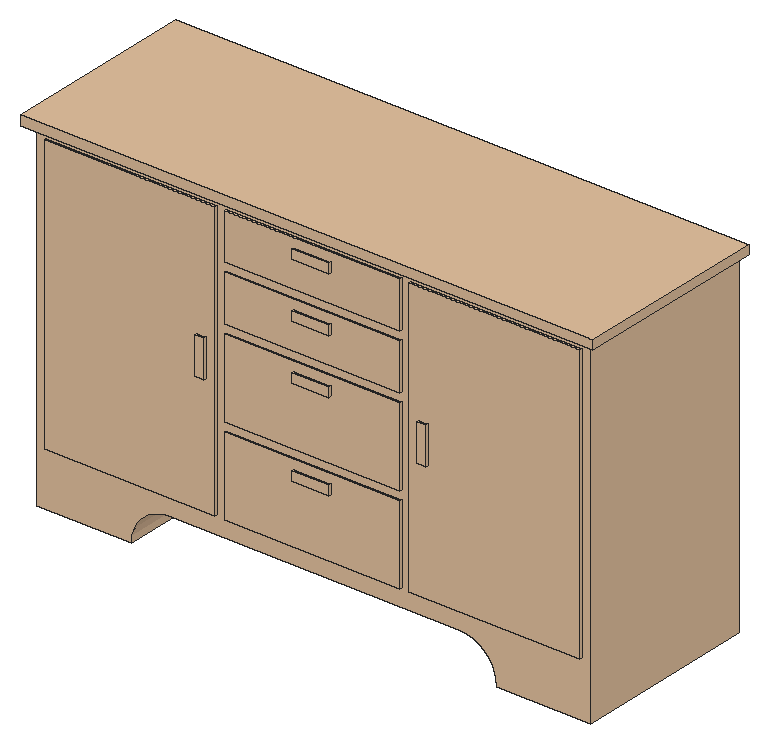
Revit family
Parameters (values of type "1520 x 510 x 970mm")
  Keynote = "N"
  Assembly Code = ""
  Depth = 508 mm
  Material = Wood - Cherry
  Height = 965.2 mm
  Width = 1524 mm
Types (2, lengths in mm): name | Depth | Height | Width
  1220 x 510 x 1070mm | 510 | 1050 | 1220
  1520 x 510 x 970mm | 508 | 965.2 | 1524
Reference planes
  plane 1 "Center F/B": y = -363.163
  plane 2: z = 0.34
  plane 3 "Center L/R": x = -294.593
  plane 4 "Back": y = -109.163
  plane 5 "Front": y = -617.163
  plane 6 "Right": x = 467.407
  plane 7 "Left": x = -1056.593
  plane 8: x = -700.993
  plane 9: x = 111.807
  plane 10: z = 152.4
  plane 11: x = -1031.193
  plane 12: x = 442.007
  plane 13: x = -548.593
  plane 14: x = -40.593
  plane 15: x = -1081.993
  plane 16: y = -642.563
  plane 17: x = 492.807
  plane 18: x = -561.293
  plane 19: x = -535.893
  plane 20: x = -53.293
  plane 21: x = -27.893
  plane 22: z = 228.634
  plane 23: z = 457.336
  plane 24: z = 762.272
  plane 25: z = 381.102
  plane 26: z = 609.804
  plane 27: z = 304.868
  plane 28: z = 533.57
  plane 29: z = 686.038
  plane 30: z = 838.506
  plane 31: z = 965.54
  plane 32: z = 940.14
  plane 33: z = 914.74
  plane 34: z = 368.402
  plane 35: z = 393.802
  plane 36: z = 635.204
  plane 37: z = 787.672
Forms (mm)
  Extrusion 1, solid, material "Wood - Cherry" <- "Material"
    sketch origin (0, -617.163, 19.25) x (1, 0, 0) y (0, 0, 1)
      loop
        line (207.943, -18.853) -> (467.407, -18.853) -> (467.407, 920.89) -> (-1056.593, 920.89) -> (-1056.593, -18.91) -> (-796.768, -18.91)
        arc (-796.768, -18.91) -> (-766.445, 54.294) -> (-693.241, 84.617) r 103.527
        line (-693.241, 84.617) -> (104.473, 84.617)
        arc (104.473, 84.617) -> (177.637, 54.311) -> (207.943, -18.853) r 103.469
    from 0 to -508
  Extrusion 2, solid, material "Wood - Cherry" <- "Material"
    sketch origin (0, 0, 0) x (1, 0, 0) y (0, 1, 0)
      loop
        line (-1081.993, -642.563) -> (492.807, -642.563) -> (492.807, -109.163) -> (-1081.993, -109.163) -> (-1081.993, -642.563)
    from 965.54 to 940.14
  Extrusion 3, solid, material "Wood - Cherry" <- "Material"
    sketch origin (0, -617.163, 0) x (1, 0, 0) y (0, 0, 1)
      loop
        line (-1031.193, 914.74) -> (-1031.193, 152.4) -> (-561.293, 152.4) -> (-561.293, 914.74) -> (-1031.193, 914.74)
      loop
        line (-27.893, 914.74) -> (-27.893, 152.4) -> (442.007, 152.4) -> (442.007, 914.74) -> (-27.893, 914.74)
      loop
        line (-535.893, 914.74) -> (-535.893, 787.672) -> (-53.293, 787.672) -> (-53.293, 914.74) -> (-535.893, 914.74)
      loop
        line (-535.893, 762.272) -> (-535.893, 635.204) -> (-53.293, 635.204) -> (-53.293, 762.272) -> (-535.893, 762.272)
      loop
        line (-535.893, 609.804) -> (-535.893, 393.802) -> (-53.293, 393.802) -> (-53.293, 609.804) -> (-535.893, 609.804)
      loop
        line (-535.893, 368.402) -> (-535.893, 152.4) -> (-53.293, 152.4) -> (-53.293, 368.402) -> (-535.893, 368.402)
    from 0 to 6.35
  Extrusion 4, solid, material "Wood - Cherry" <- "Material"
    sketch origin (0, -623.513, 0) x (1, 0, 0) y (0, 0, 1)
      loop
        line (-612.093, 584.438) -> (-612.093, 482.838) -> (-586.693, 482.838) -> (-586.693, 584.438) -> (-612.093, 584.438)
      loop
        line (-346.07, 889.34) -> (-346.07, 863.94) -> (-244.523, 863.94) -> (-244.523, 889.34) -> (-346.07, 889.34)
      loop
        line (-346.07, 736.872) -> (-346.07, 711.472) -> (-244.523, 711.472) -> (-244.523, 736.872) -> (-346.07, 736.872)
      loop
        line (-346.07, 584.438) -> (-346.07, 559.038) -> (-244.523, 559.038) -> (-244.523, 584.438) -> (-346.07, 584.438)
      loop
        line (-346.07, 343.002) -> (-346.07, 317.602) -> (-244.523, 317.602) -> (-244.523, 343.002) -> (-346.07, 343.002)
      loop
        line (-2.493, 584.438) -> (-2.493, 482.838) -> (22.907, 482.838) -> (22.907, 584.438) -> (-2.493, 584.438)
    from 0 to 6.35
Lines and regions (mm)
  Masking region 1
    outline origin (0, 0, 0) x (1, 0, 0) y (0, 1, 0)
      loop
        line (-1081.993, -109.163) -> (-1081.993, -642.563) -> (492.807, -642.563) -> (492.807, -109.163) -> (-1081.993, -109.163)
Dimensions and locks
  equal spacing: plane 7 "Left", plane 3 "Center L/R", plane 6 "Right"
  equal spacing: plane 5 "Front", plane 1 "Center F/B", plane 4 "Back"
  "Width": plane 7 "Left" to plane 6 "Right"
  "Depth": plane 5 "Front" to plane 4 "Back"
  locked: plane 7 "Left" to plane 8 at 355.6
  locked: plane 6 "Right" to plane 9 at 355.6
  equal spacing: plane 7 "Left", plane 13, plane 14, plane 6 "Right"
  locked: plane 15 to plane 7 "Left" at 25.4
  locked: plane 6 "Right" to plane 17 at 25.4
  locked: plane 5 "Front" to plane 16 at 25.4
  "Height": plane 31 to plane 2
  locked: plane 31 to plane 32 at 25.4
  locked: plane 10 to plane 2 at 152.06
  locked: plane 32 to plane 33 at 25.4
  equal spacing: plane 33, plane 30, plane 24, plane 29, plane 26, plane 28, plane 23, plane 25, plane 27, plane 22, plane 10
  locked: plane 37 to plane 24 at 25.4
  locked: plane 36 to plane 26 at 25.4
  plane 35 to plane 25 to plane 34 = 12.7 mm locked, 12.7 mm locked
  locked: plane 7 "Left" to plane 11 at 25.4
  locked: plane 12 to plane 6 "Right" at 25.4
  plane 18 to plane 13 to plane 19 = 12.7 mm locked, 12.7 mm locked
  plane 20 to plane 14 to plane 21 = 12.7 mm locked, 12.7 mm locked
  aligned and locked: Extrusion 1 to plane 4 "Back"
  aligned and locked: plane 15 to Extrusion 2 sketch curve
  aligned and locked: Extrusion 2 sketch curve to plane 16
  aligned and locked: plane 4 "Back" to Extrusion 2 sketch curve
  aligned and locked: Extrusion 2 sketch curve to plane 17
  aligned and locked: Extrusion 1 sketch curve to plane 32
  aligned and locked: plane 32 to Extrusion 2
  aligned and locked: Extrusion 2 to plane 31
  aligned: Masking region 1 sketch curve to Extrusion 2  (x3)
  aligned: Extrusion 2 to Masking region 1 sketch curve
Automatic sketch dimensions
  plane 26 to Extrusion 4 sketch curve = 25.366 mm  (x3)
  plane 18 to Extrusion 4 sketch curve = 50.8 mm
  Extrusion 4 sketch curve to Extrusion 4 sketch curve = 25.4 mm  (x5)
  plane 33 to Extrusion 4 sketch curve = 25.4 mm
  Extrusion 4 sketch curve to plane 3 "Center L/R" = 51.477 mm  (x4)
  plane 34 to Extrusion 4 sketch curve = 25.4 mm
  plane 24 to Extrusion 4 sketch curve = 25.4 mm
  plane 3 "Center L/R" to Extrusion 4 sketch curve = 50.07 mm  (x4)
  plane 21 to Extrusion 4 sketch curve = 25.4 mm
  Extrusion 4 sketch curve to plane 27 = 12.734 mm
  Extrusion 4 sketch curve to plane 23 = 25.502 mm  (x2)
  Extrusion 3 sketch curve to plane 10 = 0 mm  (x3)
  Extrusion 3 sketch curve to plane 11 = 0 mm
  Extrusion 3 sketch curve to plane 18 = 0 mm
  Extrusion 3 sketch curve to plane 19 = 0 mm  (x4)
  Extrusion 3 sketch curve to plane 20 = 0 mm  (x4)
  Extrusion 3 sketch curve to plane 21 = 0 mm
  Extrusion 3 sketch curve to plane 12 = 0 mm
  Extrusion 3 sketch curve to plane 34 = 0 mm
  Extrusion 3 sketch curve to plane 35 = 0 mm
  Extrusion 3 sketch curve to plane 26 = 0 mm
  Extrusion 3 sketch curve to plane 36 = 0 mm
  Extrusion 3 sketch curve to plane 24 = 0 mm
  Extrusion 3 sketch curve to plane 37 = 0 mm
  Extrusion 3 sketch curve to plane 33 = 0 mm  (x3)
  Extrusion 1 sketch curve to plane 2 = 0 mm
  Extrusion 1 sketch curve to plane 7 "Left" = 0 mm
  Extrusion 1 sketch curve to plane 6 "Right" = 0 mm
  Extrusion 1 sketch curve to plane 8 = 95.774 mm
  plane 8 to Extrusion 1 sketch curve = 7.752 mm
  Extrusion 1 sketch curve to plane 9 = 7.333 mm
  plane 2 to Extrusion 1 sketch curve = 0.057 mm
  Masking region 1 sketch curve to plane 15 = 0 mm
  Masking region 1 sketch curve to plane 16 = 0 mm
  Masking region 1 sketch curve to plane 17 = 0 mm
  Masking region 1 sketch curve to plane 4 "Back" = 0 mm
